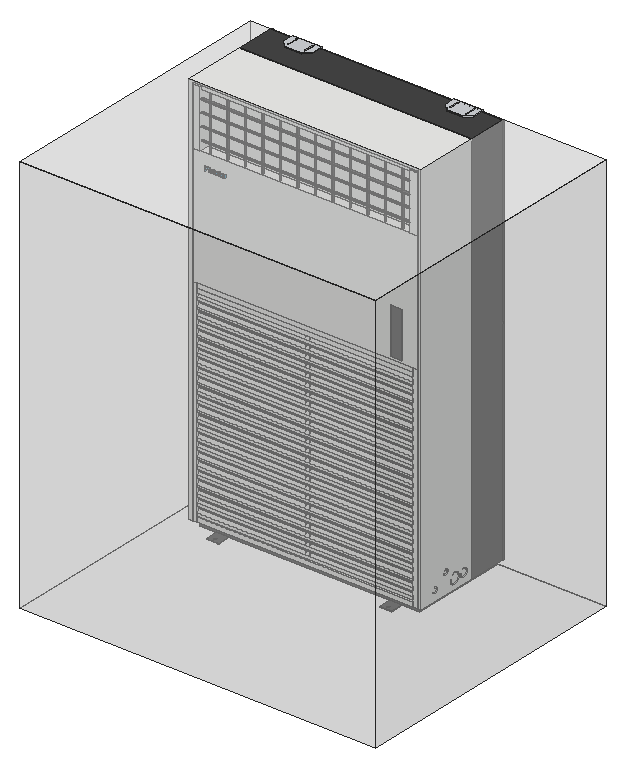
Revit family "outputfile", category 機械設備, Revit 2024 (continued)
Definition of nested family "daikin_logo_elevation_w100"
  Automatic sketch dimensions
    curve 22 to curve 45 = 2.942 mm
    curve 20 to curve 47 = 2.942 mm
    curve 45 to curve 44 = 5.001 mm
    curve 44 to curve 44 = 0.799 mm
    curve 46 to curve 49 = 4.159 mm
    curve 49 to curve 48 = 0.842 mm
    curve 44 to curve 53 = 3.236 mm
    curve 48 to curve 52 = 2.607 mm
    curve 47 to curve 49 = 3.236 mm
    curve 43 to curve 53 = 6.178 mm
    curve 52 to curve 39 = 1.177 mm
    curve 49 to curve 51 = 5.295 mm
    curve 50 to curve 41 = 2.353 mm
    curve 39 to curve 39 = 5.295 mm
    curve 41 to curve 40 = 5.001 mm
    curve 39 to curve 25 = 2.942 mm
    curve 40 to curve 26 = 2.942 mm
    curve 25 to curve 24 = 3.53 mm
    curve 26 to curve 33 = 2.251 mm
    curve 24 to curve 33 = 3.824 mm
    curve 26 to curve 27 = 5.589 mm
    curve 29 to plane 5 "right" = 5.321 mm
    curve 29 to curve 30 = 3.53 mm
    curve 31 to plane 5 "right" = 2.942 mm
    curve 60 to plane 7 = 22.055 mm
    curve 60 to curve 3 = 0.925 mm
    curve 60 to curve 37 = 5.329 mm
    curve 60 to curve 34 = 5.329 mm
    curve 32 to curve 34 = 0.0 mm
    curve 39 to curve 32 = 0.0 mm
    curve 43 to curve 39 = 0.0 mm
    curve 26 to curve 39 = 0.0 mm
    curve 23 to curve 34 = 0.0 mm
    curve 13 to curve 11 = 0.0 mm
    curve 44 to curve 43 = 0.0 mm
    curve 11 to curve 11 = 2.059 mm
    curve 38 to curve 17 = 2.353 mm
    curve 44 to curve 43 = 3.198 mm
    curve 31 to curve 29 = 4.604 mm
    curve 12 to curve 8 = 2.648 mm
    curve 4 to curve 2 = 9.244 mm
    curve 43 to curve 51 = 2.98 mm
    curve 2 to curve 5 = 1.639 mm
    curve 17 to curve 55 = 4.265 mm
    curve 28 to curve 24 = 2.046 mm
    curve 55 to curve 54 = 0.053 mm
    curve 55 to curve 58 = 0.311 mm
    curve 58 to curve 57 = 0.037 mm
    curve 57 to curve 56 = 0.364 mm
    curve 58 to curve 59 = 1.057 mm
    curve 8 to curve 9 = 3.53 mm
    curve 51 to curve 48 = 2.22 mm
    curve 54 to curve 18 = 2.447 mm
    curve 22 to curve 21 = 11.767 mm
    curve 46 to curve 20 = 0.0 mm
    curve 24 to curve 26 = 5.116 mm
    curve 49 to curve 47 = 0.0 mm
    curve 42 to curve 50 = 0.0 mm
    curve 9 to curve 16 = 3.53 mm
    curve 29 to curve 27 = 0.0 mm
    curve 18 to curve 37 = 2.648 mm
    curve 36 to curve 6 = 4.959 mm
    curve 36 to curve 4 = 4.959 mm
    curve 19 to curve 55 = 1.182 mm
    curve 59 to curve 60 = 1.138 mm
    curve 58 to curve 14 = 0.285 mm
    Extrusion 1 sketch curve to plane 4 "left" = 11.186 mm
    Extrusion 1 sketch curve to plane 7 = 10.247 mm
    Extrusion 2 sketch curve to plane 4 "left" = 22.981 mm
    Extrusion 2 sketch curve to plane 7 = 10.247 mm
    level to Extrusion 2 sketch curve = 3.87 mm
    Extrusion 2 sketch curve to plane 4 "left" = 11.186 mm
    Extrusion 3 sketch curve to plane 7 = 4.959 mm  (x5)
    Extrusion 3 sketch curve to plane 3 "Center (Left/Right)" = 20.602 mm
    level to Extrusion 3 sketch curve = 2.945 mm
    Extrusion 3 sketch curve to Extrusion 3 sketch curve = 0.787 mm  (x2)
    Extrusion 3 sketch curve to Extrusion 3 sketch curve = 5.884 mm
    Extrusion 3 sketch curve to Extrusion 3 sketch curve = 4.894 mm
    Extrusion 3 sketch curve to Extrusion 3 sketch curve = 1.138 mm
    Extrusion 3 sketch curve to Extrusion 3 sketch curve = 3.299 mm
    Extrusion 3 sketch curve to Extrusion 3 sketch curve = 2.072 mm
    Extrusion 3 sketch curve to Extrusion 3 sketch curve = 3.036 mm
    Extrusion 3 sketch curve to Extrusion 3 sketch curve = 1.057 mm
    Extrusion 3 sketch curve to Extrusion 3 sketch curve = 2.432 mm
    Extrusion 3 sketch curve to Extrusion 3 sketch curve = 0.311 mm
    Extrusion 3 sketch curve to Extrusion 3 sketch curve = 0.037 mm
    Extrusion 3 sketch curve to Extrusion 3 sketch curve = 8.825 mm
    Extrusion 3 sketch curve to plane 7 = 7.607 mm
    Extrusion 3 sketch curve to Extrusion 3 sketch curve = 1.879 mm
    Extrusion 3 sketch curve to Extrusion 3 sketch curve = 2.942 mm  (x5)
    Extrusion 3 sketch curve to Extrusion 3 sketch curve = 0.163 mm
    Extrusion 3 sketch curve to Extrusion 3 sketch curve = 0.152 mm
    Extrusion 3 sketch curve to Extrusion 3 sketch curve = 0.364 mm
    Extrusion 3 sketch curve to Extrusion 3 sketch curve = 1.182 mm
    Extrusion 3 sketch curve to Extrusion 3 sketch curve = 2.392 mm
    Extrusion 3 sketch curve to Extrusion 3 sketch curve = 0.348 mm
    Extrusion 3 sketch curve to Extrusion 3 sketch curve = 1.548 mm
    Extrusion 3 sketch curve to Extrusion 3 sketch curve = 0.188 mm
    Extrusion 3 sketch curve to Extrusion 3 sketch curve = 0.053 mm
    Extrusion 3 sketch curve to Extrusion 3 sketch curve = 2.353 mm  (x2)
    Extrusion 3 sketch curve to Extrusion 3 sketch curve = 5.979 mm
    Extrusion 3 sketch curve to Extrusion 3 sketch curve = 0.285 mm
    Extrusion 3 sketch curve to plane 3 "Center (Left/Right)" = 1.775 mm
    Extrusion 3 sketch curve to Extrusion 3 sketch curve = 3.056 mm
    plane 3 "Center (Left/Right)" to Extrusion 3 sketch curve = 0.578 mm
    Extrusion 3 sketch curve to plane 3 "Center (Left/Right)" = 4.717 mm
    Extrusion 3 sketch curve to Extrusion 3 sketch curve = 0.441 mm
    Extrusion 3 sketch curve to Extrusion 3 sketch curve = 2.059 mm  (x2)
    Extrusion 3 sketch curve to Extrusion 3 sketch curve = 4.633 mm
    Extrusion 3 sketch curve to Extrusion 3 sketch curve = 1.103 mm
    Extrusion 3 sketch curve to Extrusion 3 sketch curve = 1.177 mm  (x2)
    Extrusion 3 sketch curve to Extrusion 3 sketch curve = 3.53 mm  (x2)
    Extrusion 3 sketch curve to Extrusion 3 sketch curve = 1.418 mm
    Extrusion 3 sketch curve to Extrusion 3 sketch curve = 2.648 mm  (x2)
    plane 3 "Center (Left/Right)" to Extrusion 3 sketch curve = 4.991 mm
    Extrusion 3 sketch curve to Extrusion 3 sketch curve = 1.471 mm
    Extrusion 3 sketch curve to Extrusion 3 sketch curve = 5.001 mm  (x4)
    Extrusion 3 sketch curve to Extrusion 3 sketch curve = 0.0 mm  (x8)
    Extrusion 3 sketch curve to plane 7 = 8.328 mm
    Extrusion 3 sketch curve to Extrusion 3 sketch curve = 0.842 mm
    Extrusion 3 sketch curve to Extrusion 3 sketch curve = 3.236 mm  (x2)
    Extrusion 3 sketch curve to Extrusion 3 sketch curve = 5.295 mm  (x2)
    Extrusion 3 sketch curve to Extrusion 3 sketch curve = 2.607 mm
    Extrusion 3 sketch curve to Extrusion 3 sketch curve = 2.22 mm
    Extrusion 3 sketch curve to Extrusion 3 sketch curve = 4.707 mm
    Extrusion 3 sketch curve to Extrusion 3 sketch curve = 6.178 mm
    Extrusion 3 sketch curve to Extrusion 3 sketch curve = 2.436 mm
    Extrusion 3 sketch curve to Extrusion 3 sketch curve = 3.198 mm
    Extrusion 3 sketch curve to Extrusion 3 sketch curve = 5.589 mm
    Extrusion 3 sketch curve to plane 5 "right" = 5.321 mm
    Extrusion 3 sketch curve to Extrusion 3 sketch curve = 7.163 mm
    Extrusion 3 sketch curve to plane 5 "right" = 3.53 mm
    Extrusion 3 sketch curve to plane 5 "right" = 0.0 mm
    Extrusion 3 sketch curve to plane 5 "right" = 2.942 mm
    Extrusion 3 sketch curve to Extrusion 3 sketch curve = 4.604 mm
    Extrusion 3 sketch curve to Extrusion 3 sketch curve = 3.504 mm
    Extrusion 3 sketch curve to Extrusion 3 sketch curve = 2.251 mm
    Extrusion 3 sketch curve to Extrusion 3 sketch curve = 5.116 mm
Definition of nested family "daikin_unit monting plae"
  Parameters (values of type "daikin_unit monting plae")
    u = if(A = 1279.0 mm, 145.0 mm, if(A = 1129.0 mm, 145.0 mm, 108.0 mm))  # 108.0 mm
    show_fixedhole = yes
    material = none
    h_mountinghole = 1.5 mm  # constant formula
    h_antenna_mountinghole = Height + 1.0 mm - h_mountinghole  # 1946.5 mm
    W = 500.0 mm
    U = if(A = 1279.0 mm, 990.0 mm, if(A = 1129.0 mm, 840.0 mm, 743.0 mm))  # 743.0 mm
    Default Elevation = 0.0 mm
    Link_Nested Family = ""
    Height = 1947.0 mm
    A = 959.0 mm
  Reference planes
    plane 1 "Center (Front/Back)": y = 0
    plane 2: z = 0
    plane 3 "Center (Left/Right)": x = 0
    plane 4: x = -479.5
    plane 5: x = 479.5
    plane 6: y = 250
    plane 7: y = -250
    plane 8: x = -371.5
    plane 9: x = 371.5
    plane 10: y = -285.2
    plane 11: y = 309.8
    plane 12: y = 294.8
    plane 13: y = -270.2
  Forms (mm)
    Extrusion 1, solid
      sketch origin (-371.5, 305.04, 1200) x (0, 1, 0) y (0, 0, 1)
        loop
          line (-590.24, -1198.5) -> (-590.24, -1200) -> (-525.24, -1200) -> (-525.24, -1174) -> (-526.74, -1174) -> (-526.74, -1198.5) -> (-590.24, -1198.5)
        loop
          line (4.76, -1198.5) -> (-58.74, -1198.5) -> (-58.74, -1174) -> (-60.24, -1174) -> (-60.24, -1200) -> (4.76, -1200) -> (4.76, -1198.5)
      from -30 to 30
    Extrusion 2, solid
      sketch origin (371.5, 305.04, 1200) x (0, 1, 0) y (0, 0, 1)
        loop
          line (-525.24, -1200) -> (-525.24, -1174) -> (-526.74, -1174) -> (-526.74, -1198.5) -> (-590.24, -1198.5) -> (-590.24, -1200) -> (-525.24, -1200)
        loop
          line (4.76, -1198.5) -> (-58.74, -1198.5) -> (-58.74, -1174) -> (-60.24, -1174) -> (-60.24, -1200) -> (4.76, -1200) -> (4.76, -1198.5)
      from -30 to 30
    Extrusion 3, void
      sketch origin (0, 0, 0) x (1, 0, 0) y (0, 1, 0)
        loop
          circle (-371.5, 294.8) r 5.5
        loop
          circle (-371.5, -270.2) r 5.5
      from 0 to 2
    Extrusion 4, void
      sketch origin (0, 0, 0) x (1, 0, 0) y (0, 1, 0)
        loop
          circle (371.5, 294.8) r 5.5
        loop
          circle (371.5, -270.2) r 5.5
      from 0 to 2
  Cuts and joins
    Extrusion 3 cuts Extrusion 1
    Extrusion 4 cuts Extrusion 2
  Dimensions and locks
    equal spacing: plane 4, plane 3 "Center (Left/Right)", plane 5
    "A": plane 4 to plane 5
    equal spacing: plane 6, plane 1 "Center (Front/Back)", plane 7
    "W": plane 6 to plane 7
    "u": plane 4 to plane 8
    "U": plane 8 to plane 9
    locked: plane 7 to plane 10 at 35.2
    locked: plane 11 to plane 6 at 59.8
    locked: Extrusion 1 sketch curve to Extrusion 1 sketch curve at 65  (x2)
    locked: Extrusion 1 sketch curve to Extrusion 1 sketch curve at 26  (x2)
    locked: Extrusion 1 sketch curve to Extrusion 1 sketch curve at 1.5  (x4)
    locked: Extrusion 3 sketch curve to plane 10 at 15
    locked: plane 11 to Extrusion 3 sketch curve at 15
    locked: Extrusion 4 sketch curve to plane 10 at 15
    locked: plane 11 to Extrusion 4 sketch curve at 15
    locked: plane 13 to plane 10 at 15
    locked: plane 11 to plane 12 at 15
    aligned and locked: level to plane 2
    aligned and locked: plane 10 to Extrusion 1 sketch curve
    aligned and locked: plane 2 to Extrusion 1 sketch curve
    aligned and locked: Extrusion 2 sketch curve to Extrusion 1  (x12)
    aligned and locked: plane 8 to Extrusion 3 sketch curve  (x2)
    aligned and locked: plane 9 to Extrusion 4 sketch curve  (x2)
    aligned and locked: plane 8 to nested 1
    aligned and locked: nested 1 to plane 12
    aligned and locked: plane 9 to nested 4
    aligned and locked: nested 4 to plane 12
    aligned and locked: nested 3 to plane 13
    aligned and locked: plane 9 to nested 3
    aligned and locked: plane 8 to nested 2
    aligned and locked: nested 2 to plane 13
  Automatic sketch dimensions
    Extrusion 1 sketch curve to level = 0.0 mm
    Extrusion 1 sketch curve to plane 11 = 0.0 mm
    radius of Extrusion 3 sketch curve = 5.5 mm  (x2)
    radius of Extrusion 4 sketch curve = 5.5 mm  (x2)
  Nested families
    nested 1: "daikin_mountinghole" at (-371.5, 294.8, 0), l_antenna <- "h_antenna_mountinghole", h_mountinghole <- "h_mountinghole", visible <- "show_fixedhole", type "daikin_mountinghole"
      with show yes, l_antenna 1946.5 mm, h_mountinghole 1.5 mm, Link_Nested Family ""
    nested 2: "daikin_mountinghole" at (-371.5, -270.2, 0), l_antenna <- "h_antenna_mountinghole", h_mountinghole <- "h_mountinghole", visible <- "show_fixedhole", type "daikin_mountinghole"
      with show yes, l_antenna 1946.5 mm, h_mountinghole 1.5 mm, Link_Nested Family ""
    nested 3: "daikin_mountinghole" at (371.5, -270.2, 0), l_antenna <- "h_antenna_mountinghole", h_mountinghole <- "h_mountinghole", visible <- "show_fixedhole", type "daikin_mountinghole"
      with show yes, l_antenna 1946.5 mm, h_mountinghole 1.5 mm, Link_Nested Family ""
    nested 4: "daikin_mountinghole" at (371.5, 294.8, 0), l_antenna <- "h_antenna_mountinghole", h_mountinghole <- "h_mountinghole", visible <- "show_fixedhole", type "daikin_mountinghole"
      with show yes, l_antenna 1946.5 mm, h_mountinghole 1.5 mm, Link_Nested Family ""
  Definition of nested family "daikin_mountinghole"
    Parameters (values of type "daikin_mountinghole")
      Default Elevation = 1219.2 mm
      Type Comments = "mountinghole"
      show [instance] = yes
      material = none
      l_centerline = 100.0 mm
      l_antenna [instance] = 100.0 mm
      h_mountinghole [instance] = 0.0 mm
      d_circle = 30.0 mm
      Link_Nested Family [instance] = ""
    Reference planes
      plane 1 "Center (Front/Back)": y = 0
      plane 2: z = 0
      plane 3 "Center (Left/Right)": x = 0
      plane 4: y = 50
      plane 5: x = -50
      plane 6: x = 50
      plane 7: y = -50
      plane 8 "h_mountinghole": z = 0
      plane 9: z = 100
    Lines and regions (mm)
      model lines, detail levels fine
        curve 1: circle (0, 0, 0) r 15 normal (0, 0, 1)
        curve 2: line (-50, 0, 0) -> (50, 0, 0)
        curve 3: line (0, 50, 0) -> (0, -50, 0)
      symbolic lines, detail levels fine
        curve 4: circle (0, 0, 0) r 15 normal (0, 0, 1)
        curve 5: line (-50, 0, 0) -> (50, 0, 0)
        curve 6: line (0, 50, 0) -> (0, -50, 0)
      model lines
        curve 7: line (0, 0, 100) -> (0, 0, 0)
    Dimensions and locks
      equal spacing: plane 4, plane 1 "Center (Front/Back)", plane 7
      "l_centerline": plane 4 to plane 7
      equal spacing: plane 5, plane 3 "Center (Left/Right)", plane 6
      "l_centerline": plane 5 to plane 6
      "l_antenna": plane 9 to plane 8 "h_mountinghole"
      "h_mountinghole": plane 8 "h_mountinghole" to plane 2
      "d_circle": diameter of curve 1
      "d_circle": diameter of curve 4
      aligned and locked: level to plane 2
      aligned and locked: plane 1 "Center (Front/Back)" to curve 1
      aligned and locked: plane 3 "Center (Left/Right)" to curve 1
      aligned and locked: plane 1 "Center (Front/Back)" to curve 2
      aligned and locked: curve 3 to plane 3 "Center (Left/Right)"
      aligned and locked: plane 6 to curve 2
      aligned and locked: plane 5 to curve 2
      aligned and locked: plane 4 to curve 3
      aligned and locked: plane 7 to curve 3
      aligned and locked: plane 1 "Center (Front/Back)" to curve 4
      aligned and locked: plane 3 "Center (Left/Right)" to curve 4
      aligned and locked: plane 6 to curve 5
      aligned and locked: plane 5 to curve 5
      aligned and locked: plane 1 "Center (Front/Back)" to curve 5
      aligned and locked: plane 4 to curve 6
      aligned and locked: plane 7 to curve 6
      aligned and locked: curve 6 to plane 3 "Center (Left/Right)"
      aligned and locked: curve 7 to plane 3 "Center (Left/Right)"
      aligned and locked: plane 9 to curve 7
      aligned and locked: plane 8 "h_mountinghole" to curve 7
Definition of nested family "daikin_wall monting plae"
  Parameters (values of type "daikin_wall monting plae")
    material = none
    U = if(A = 1279.0 mm, 950.0 mm, if(A = 1129.0 mm, 785.0 mm, 615.0 mm))  # 615.0 mm
    Default Elevation = 0.0 mm
    Link_Nested Family = ""
    A = 959.0 mm
  Reference planes
    plane 1 "Center (Front/Back)": y = 0
    plane 2: z = 0
    plane 3 "Center (Left/Right)": x = 0
    plane 4: x = -479.5
    plane 5: x = 479.5
    plane 6: x = -307.5
    plane 7: x = 307.5
    plane 8: z = -20
    plane 9: z = -20
  Forms (mm)
    Extrusion 1, solid
      sketch origin (-307.5, 305.04, 1200) x (0, 1, 0) y (0, 0, 1)
        loop
          line (-386.04, -1197) -> (-386.04, -1200) -> (-305.04, -1200) -> (-305.04, -1241) -> (-302.04, -1241) -> (-302.04, -1197) -> (-386.04, -1197)
      from -70 to 70
    Extrusion 2, solid
      sketch origin (307.5, 305.04, 1200) x (0, 1, 0) y (0, 0, 1)
        loop
          line (-302.04, -1241) -> (-302.04, -1197) -> (-386.04, -1197) -> (-386.04, -1200) -> (-305.04, -1200) -> (-305.04, -1241) -> (-302.04, -1241)
      from -70 to 70
    Extrusion 3, void
      sketch origin (0, 0, 0) x (1, 0, 0) y (0, 1, 0)
        loop
          line (-377.5, -51) -> (-377.5, -81) -> (-347.5, -81) -> (-377.5, -51)
        loop
          line (-237.5, -81) -> (-237.5, -51) -> (-267.5, -81) -> (-237.5, -81)
        loop
          line (-344, -56) -> (-344, -13)
          arc (-344, -13) -> (-347.5, -9.5) -> (-351, -13) r 3.5
          line (-351, -13) -> (-351, -56)
          arc (-351, -56) -> (-347.5, -59.5) -> (-344, -56) r 3.5
        loop
          arc (-271, -56) -> (-267.5, -59.5) -> (-264, -56) r 3.5
          line (-264, -56) -> (-264, -13)
          arc (-264, -13) -> (-267.5, -9.5) -> (-271, -13) r 3.5
          line (-271, -13) -> (-271, -56)
      from 0 to 5
    Extrusion 4, void
      sketch origin (0, 0, 0) x (-1, 0, 0) y (0, -1, 0)
        loop
          line (-377.5, 51) -> (-347.5, 81) -> (-377.5, 81) -> (-377.5, 51)
        loop
          line (-237.5, 81) -> (-267.5, 81) -> (-237.5, 51) -> (-237.5, 81)
        loop
          arc (-264, 56) -> (-267.5, 59.5) -> (-271, 56) r 3.5
          line (-271, 56) -> (-271, 13)
          arc (-271, 13) -> (-267.5, 9.5) -> (-264, 13) r 3.5
          line (-264, 13) -> (-264, 56)
        loop
          line (-351, 56) -> (-351, 13)
          arc (-351, 13) -> (-347.5, 9.5) -> (-344, 13) r 3.5
          line (-344, 13) -> (-344, 56)
          arc (-344, 56) -> (-347.5, 59.5) -> (-351, 56) r 3.5
      from 0 to 5
    Extrusion 5, void
      sketch origin (0, 0, 0) x (1, 0, 0) y (0, 0, 1)
        loop
          arc (-311, -25) -> (-307.5, -28.5) -> (-304, -25) r 3.5
          line (-304, -25) -> (-304, -15)
          arc (-304, -15) -> (-307.5, -11.5) -> (-311, -15) r 3.5
          line (-311, -15) -> (-311, -25)
        loop
          arc (-289.5, -16.5) -> (-293, -20) -> (-289.5, -23.5) r 3.5
          line (-289.5, -23.5) -> (-250.5, -23.5)
          arc (-250.5, -23.5) -> (-247, -20) -> (-250.5, -16.5) r 3.5
          line (-250.5, -16.5) -> (-289.5, -16.5)
        loop
          arc (-364.5, -16.5) -> (-368, -20) -> (-364.5, -23.5) r 3.5
          line (-364.5, -23.5) -> (-325.5, -23.5)
          arc (-325.5, -23.5) -> (-322, -20) -> (-325.5, -16.5) r 3.5
          line (-325.5, -16.5) -> (-364.5, -16.5)
      from 0 to -5
    Extrusion 6, void
      sketch origin (615, 0, 0) x (1, 0, 0) y (0, 0, 1)
        loop
          arc (-311, -25) -> (-307.5, -28.5) -> (-304, -25) r 3.5
          line (-304, -25) -> (-304, -15)
          arc (-304, -15) -> (-307.5, -11.5) -> (-311, -15) r 3.5
          line (-311, -15) -> (-311, -25)
        loop
          arc (-289.5, -16.5) -> (-293, -20) -> (-289.5, -23.5) r 3.5
          line (-289.5, -23.5) -> (-250.5, -23.5)
          arc (-250.5, -23.5) -> (-247, -20) -> (-250.5, -16.5) r 3.5
          line (-250.5, -16.5) -> (-289.5, -16.5)
        loop
          arc (-364.5, -16.5) -> (-368, -20) -> (-364.5, -23.5) r 3.5
          line (-364.5, -23.5) -> (-325.5, -23.5)
          arc (-325.5, -23.5) -> (-322, -20) -> (-325.5, -16.5) r 3.5
          line (-325.5, -16.5) -> (-364.5, -16.5)
      from 0 to -5
  Cuts and joins
    Extrusion 3, Extrusion 4, Extrusion 5, Extrusion 6 cuts Extrusion 1
    Extrusion 4, Extrusion 6 cuts Extrusion 2
  Dimensions and locks
    equal spacing: plane 4, plane 3 "Center (Left/Right)", plane 5
    "A": plane 4 to plane 5
    "U": plane 6 to plane 7
    equal spacing: plane 6, plane 3 "Center (Left/Right)", plane 7
    locked: Extrusion 1 sketch curve to Extrusion 1 sketch curve at 84
    locked: Extrusion 1 sketch curve to Extrusion 1 sketch curve at 44
    locked: Extrusion 1 sketch curve to Extrusion 1 sketch curve at 3  (x2)
    Extrusion 3 sketch curve to Extrusion 3 sketch curve = 30.0 mm
    locked: Extrusion 3 sketch curve to Extrusion 3 sketch curve at 30  (x3)
    locked: Extrusion 3 sketch curve to Extrusion 3 sketch curve at 7  (x2)
    Extrusion 3 sketch curve to plane 6 to Extrusion 3 sketch curve = 36.5 mm locked, 36.5 mm locked
    Extrusion 3 sketch curve to Extrusion 3 sketch curve to plane 1 "Center (Front/Back)" = 43.0 mm locked, 13.0 mm locked  (x2)
    locked: Extrusion 4 sketch curve to Extrusion 4 sketch curve at 30  (x4)
    locked: Extrusion 4 sketch curve to Extrusion 4 sketch curve at 7  (x2)
    locked: Extrusion 4 sketch curve to Extrusion 4 sketch curve at 43  (x2)
    Extrusion 4 sketch curve to plane 7 to Extrusion 4 sketch curve = 36.5 mm locked, 36.5 mm locked
    locked: Extrusion 4 sketch curve to plane 1 "Center (Front/Back)" at 13  (x2)
    locked: Extrusion 5 sketch curve to Extrusion 5 sketch curve at 7  (x2)
    equal spacing: Extrusion 5 sketch curve, plane 6, Extrusion 5 sketch curve
    plane 2 to Extrusion 5 sketch curve to Extrusion 5 sketch curve = 15.0 mm locked, 10.0 mm locked
    locked: plane 2 to plane 8 at 20
    equal spacing: Extrusion 5 sketch curve, plane 8, Extrusion 5 sketch curve
    locked: Extrusion 5 sketch curve to plane 6 at 18
    locked: plane 6 to Extrusion 5 sketch curve at 18
    locked: plane 6 to Extrusion 5 sketch curve at 57
    locked: Extrusion 5 sketch curve to plane 6 at 57
    locked: Extrusion 6 sketch curve to Extrusion 6 sketch curve at 10
    locked: Extrusion 6 sketch curve to Extrusion 6 sketch curve at 7  (x2)
    equal spacing: Extrusion 6 sketch curve, plane 9, Extrusion 6 sketch curve
    locked: plane 2 to Extrusion 6 sketch curve at 15
    equal spacing: Extrusion 6 sketch curve, plane 7, Extrusion 6 sketch curve
    Extrusion 6 sketch curve to plane 7 to Extrusion 6 sketch curve = 18.0 mm locked, 18.0 mm locked
    locked: Extrusion 6 sketch curve to Extrusion 6 sketch curve at 39  (x2)
    locked: Extrusion 3 sketch curve to Extrusion 3 sketch curve (angle 45.00°)  (x2)
    locked: Extrusion 4 sketch curve to Extrusion 4 sketch curve (angle 45.00°)  (x2)
    aligned and locked: level to plane 2
    aligned and locked: plane 2 to Extrusion 1 sketch curve
    aligned and locked: Extrusion 1 sketch curve to plane 1 "Center (Front/Back)"
    aligned and locked: Extrusion 2 sketch curve to Extrusion 1  (x6)
    aligned and locked: Extrusion 1 to Extrusion 3 sketch curve
    aligned and locked: Extrusion 3 sketch curve to Extrusion 1  (x2)
    aligned and locked: Extrusion 4 sketch curve to Extrusion 2  (x4)
    aligned and locked: plane 6 to Extrusion 5 sketch curve  (x2)
    aligned and locked: Extrusion 5 sketch curve to Extrusion 5 sketch curve  (x2)
    aligned and locked: Extrusion 6 sketch curve to Extrusion 6 sketch curve  (x2)
  Automatic sketch dimensions
    Extrusion 3 sketch curve to Extrusion 3 sketch curve = 25.0 mm
Definition of nested family "daikin_mountinghole"
  Parameters (values of type "daikin_mountinghole")
    Default Elevation = 1219.2 mm
    Type Comments = "mountinghole"
    show [instance] = yes
    material = none
    l_centerline = 100.0 mm
    l_antenna [instance] = 100.0 mm
    h_mountinghole [instance] = 0.0 mm
    d_circle = 30.0 mm
    Link_Nested Family [instance] = ""
  Reference planes
    plane 1 "Center (Front/Back)": y = 0
    plane 2: z = 0
    plane 3 "Center (Left/Right)": x = 0
    plane 4: y = 50
    plane 5: x = -50
    plane 6: x = 50
    plane 7: y = -50
    plane 8 "h_mountinghole": z = 0
    plane 9: z = 100
  Lines and regions (mm)
    model lines, detail levels fine
      curve 1: circle (0, 0, 0) r 15 normal (0, 0, 1)
      curve 2: line (-50, 0, 0) -> (50, 0, 0)
      curve 3: line (0, 50, 0) -> (0, -50, 0)
    symbolic lines, detail levels fine
      curve 4: circle (0, 0, 0) r 15 normal (0, 0, 1)
      curve 5: line (-50, 0, 0) -> (50, 0, 0)
      curve 6: line (0, 50, 0) -> (0, -50, 0)
    model lines
      curve 7: line (0, 0, 100) -> (0, 0, 0)
  Dimensions and locks
    equal spacing: plane 4, plane 1 "Center (Front/Back)", plane 7
    "l_centerline": plane 4 to plane 7
    equal spacing: plane 5, plane 3 "Center (Left/Right)", plane 6
    "l_centerline": plane 5 to plane 6
    "l_antenna": plane 9 to plane 8 "h_mountinghole"
    "h_mountinghole": plane 8 "h_mountinghole" to plane 2
    "d_circle": diameter of curve 1
    "d_circle": diameter of curve 4
    aligned and locked: level to plane 2
    aligned and locked: plane 1 "Center (Front/Back)" to curve 1
    aligned and locked: plane 3 "Center (Left/Right)" to curve 1
    aligned and locked: plane 1 "Center (Front/Back)" to curve 2
    aligned and locked: curve 3 to plane 3 "Center (Left/Right)"
    aligned and locked: plane 6 to curve 2
    aligned and locked: plane 5 to curve 2
    aligned and locked: plane 4 to curve 3
    aligned and locked: plane 7 to curve 3
    aligned and locked: plane 1 "Center (Front/Back)" to curve 4
    aligned and locked: plane 3 "Center (Left/Right)" to curve 4
    aligned and locked: plane 6 to curve 5
    aligned and locked: plane 5 to curve 5
    aligned and locked: plane 1 "Center (Front/Back)" to curve 5
    aligned and locked: plane 4 to curve 6
    aligned and locked: plane 7 to curve 6
    aligned and locked: curve 6 to plane 3 "Center (Left/Right)"
    aligned and locked: curve 7 to plane 3 "Center (Left/Right)"
    aligned and locked: plane 9 to curve 7
    aligned and locked: plane 8 "h_mountinghole" to curve 7
Definition of nested family "daikin_connector_rotate3"
  Parameters (values of type "*")
    Default Elevation = 1219.2 mm
    show_line = yes
    show_circle = yes
    show_face = yes
    radius [instance] = 10.0 mm
    length [instance] = 600.0 mm
    angle_horizontal [instance] = 60.00°
    angle_vertical [instance] = 90.00°
  Reference planes
    plane 1 "Center (Front/Back)": y = 0
    plane 2: z = 0
    plane 3 "Center (Left/Right)": x = 0
  Dimensions and locks
    "angle_horizontal": angle plane 3 "Center (Left/Right)" to nested 1
    aligned and locked: level to plane 2
    aligned and locked: plane 1 "Center (Front/Back)" to nested 1  (x2)
    aligned and locked: plane 3 "Center (Left/Right)" to nested 1
  Nested families
    nested 1: "daikin_connector_rotate2" at (0, 0, 0) x (0.5, 0.866, 0) z (0, 0, 1), angle_vertical <- "angle_vertical", length <- "length", radius <- "radius", type "daikin_connector_rotate2"
      with radius 10.0 mm, length 600.0 mm, angle_vertical 90.00°, Default Elevation 0.0 mm
  Definition of nested family "daikin_connector_rotate2"
    Parameters (values of type "daikin_connector_rotate2")
      Default Elevation = 1219.2 mm
      show_line = yes
      show_face = yes
      show_circle = yes
      radius [instance] = 10.0 mm
      length [instance] = 600.0 mm
      d_surface = 10.0 mm
      angle_vertical [instance] = 90.00°
    Reference planes
      plane 1 "Center (Front/Back)": y = 0
      plane 2: z = 0
      plane 3 "Center (Left/Right)": x = 0
    Forms (mm)
      Extrusion 1, solid, visible <- "show_face"
        sketch origin (0, -600, 0) x (1, 0, 0) y (0, 0, 1)
          loop
            circle (0, 0) r 10
        from 0 to -10
    Lines and regions (mm)
      reference lines
        curve 1: line (0, 0, 0) -> (0, -600, 0)
      symbolic lines, visible <- "show_circle"
        curve 2: circle (0, 0, 0) r 5 normal (0, 0, 1)
      model lines, visible <- "show_line"
        curve 3: line (0, 0, 0) -> (0, -600, 0)
    Dimensions and locks
      "length": curve 1 to curve 1
      "length": curve 3 to curve 3
      "d_surface": Extrusion 1 to Extrusion 1
      "radius": radius of Extrusion 1 sketch curve
      "angle_vertical": angle curve 1 to plane 1 "Center (Front/Back)"
      "angle_vertical": angle curve 3 to plane 1 "Center (Front/Back)"
      aligned and locked: level to plane 2
      aligned and locked: plane 1 "Center (Front/Back)" to curve 1
      aligned and locked: plane 2 to curve 1
      aligned and locked: plane 1 "Center (Front/Back)" to curve 2
      aligned and locked: plane 3 "Center (Left/Right)" to curve 2
      aligned and locked: plane 1 "Center (Front/Back)" to curve 3
      aligned and locked: plane 2 to curve 3
      aligned and locked: Extrusion 1 to Extrusion 1
    Automatic sketch dimensions
      Extrusion 1 sketch curve to level = 0.0 mm
      Extrusion 1 sketch curve to plane 3 "Center (Left/Right)" = 0.0 mm
      radius of curve 2 = 5.0 mm
